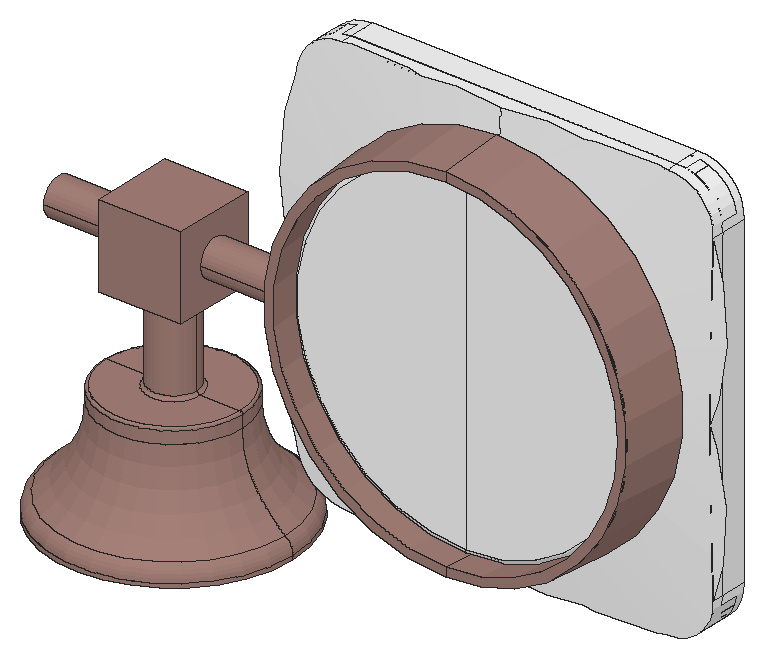
Revit family "SoapDish-Vitra-JunoClassicSeries-A4441826", category Plumbing Fixtures, host Face, Revit 2017
Family settings
  Host = Face
  Round Connector Dimension = Use Diameter
  Part Type = Normal
  OmniClass Number = 23.45.00.00
  OmniClass Title = Sanitary, Laundry, and Cleaning Equipment
  Cut with Voids When Loaded = No
  Shared = Yes
  Room Calculation Point = No
Parameters (values of type "SoapDish-Vitra-JunoClassicSeries-A4441826")
  Youtube = "https://www.youtube.com/user/VitrAglobal"
  Weight Net (kg) = ""
  Waste Connection = no
  Warranty Period (Year) = ""
  Vent Connection = no
  Uniformat II Description = "FURNISHINGS"
  Uniformat II Code = "E20"
  Uniclass 2015 Name = "Soap dishes"
  Uniclass 2015 Code = "Pr_40_20_76_82"
  Uniclass 2.0 Description = "Soap Dishes"
  Uniclass 2.0 Code = "PR-35-75-82"
  Uniclass 1.4 Description = "Soap holders/dispensers"
  Uniclass 1.4 Code = "L8246"
  URL = "https://vitraglobal.com/"
  UNSPSC Description = "Furniture and Furnishings"
  UNSPSC Code = ""
  Technical description = "https://www.vitra.com.tr/pdf/A4441826/"
  Tap hole Options (default) = ""
  Specification = ""
  Region South America = "All"
  Region Oceania = "All"
  Region North America = "All"
  Region Middle East = "All"
  Region Europe = "All"
  Region Asia = "All"
  Region Antarctica = "All"
  Region Africa = "All"
  Product url = "https://www.vitra.com.tr/banyo-aksesuarlari/sabunluk-dis-fircalik/kati-sabunluk/juno-classic-sabunluk-sku-A4441826/"
  Product manual = ""
  Product group = "Soap Dish"
  Product family = "Juno Classic Series"
  Product data url = ""
  Product certification = "https://www.vitraglobal.com/brochures/"
  Product Type = "Soap Dish"
  Product SKU = "A4441826"
  Product Properties = ""
  Product Guid = ""
  Primary Material = BrightCopper
  OmniClass Description = "Hand Soap Holders"
  OmniClass Code = "23-31 25 29 11"
  Nominal Width (mm) = 140 mm
  Nominal Height (mm) = 55 mm
  Nominal Depth (mm) = 100 mm
  NBS Referans Description = "Soap Dishes"
  NBS Referans Code = "35-75-82"
  Mounting type = "Wall Mounted"
  Model = "A4441826"
  Masterformat 2014 Description = "Toilet, Bath, and Laundry Accessory Schedule"
  Masterformat 2014 Code = "10 06 20.13"
  Manufacturer name = "Vitra"
  Manufacturer = "Vitra"
  Main Material = ""
  Installation instructions = ""
  IFC Classification = "Sanitary Terminal"
  Help = ""
  HW Connection = no
  GTIP code = ""
  Features = ""
  EAN code = ""
  Design country = "Turkey"
  Description = "Juno Classic Soap Dish"
  Default Elevation = 0 mm
  Color = "Copper"
  Coating Material = White
  Calculated flow = ""
  CW Connection = no
  COBIe Type Category = ""
  Brand = "VitrA"
  BIMobject category = "Sanitary - Bathroom Accessories"
  Article No. (default) = "A4441826"
  Approvals = ""
  ApplicationType = ""
  Accessories (default) = ""
Types (6, lengths in mm): name | Technical description | Product url | Product SKU | Primary Material | Model | Color | Article No. (default)
  SoapDish-Vitra-JunoClassicSeries-A44418 | "https://www.vitra.com.tr/pdf/A44418/" | "https://www.vitra.com.tr/banyo-aksesuarlari/sabunluk-dis-fircalik/kati-sabunluk/juno-classic-sabunluk-sku-A44418/" | "A44418" | Chrome | "A44418" | "Chrome" | "A44418"
  SoapDish-Vitra-JunoClassicSeries-A4441823 | "https://www.vitra.com.tr/pdf/A4441823/" | "https://www.vitra.com.tr/banyo-aksesuarlari/sabunluk-dis-fircalik/kati-sabunluk/juno-classic-sabunluk-sku-A4441823/" | "A4441823" | Gold | "A4441823" | "Gold" | "A4441823"
  SoapDish-Vitra-JunoClassicSeries-A4441826 | "https://www.vitra.com.tr/pdf/A4441826/" | "https://www.vitra.com.tr/banyo-aksesuarlari/sabunluk-dis-fircalik/kati-sabunluk/juno-classic-sabunluk-sku-A4441826/" | "A4441826" | BrightCopper | "A4441826" | "Copper" | "A4441826"
  SoapDish-Vitra-JunoClassicSeries-A44418EXP | "https://www.vitraglobal.com/pdf/A44418EXP/" | "https://www.vitraglobal.com/bathroom-accessories/soap-toothbrush-holders/soap-dishes/juno-soap-dish-sku-A44418EXP/" | "A44418EXP" | Chrome | "A44418EXP" | "Chrome" | "A44418EXP"
  SoapDish-Vitra-JunoClassicSeries-A4441823EXP | "https://www.vitraglobal.com/pdf/A4441823EXP/" | "https://www.vitraglobal.com/bathroom-accessories/soap-toothbrush-holders/soap-dishes/juno-soap-dish-sku-A4441823EXP/" | "A4441823EXP" | Gold | "A4441823EXP" | "Gold" | "A4441823EXP"
  SoapDish-Vitra-JunoClassicSeries-A4441826EXP | "https://www.vitraglobal.com/pdf/A4441826EXP/" | "https://www.vitraglobal.com/bathroom-accessories/soap-toothbrush-holders/soap-dishes/juno-soap-dish-sku-A4441826EXP/" | "A4441826EXP" | BrightCopper | "A4441826EXP" | "Copper" | "A4441826EXP"
Reference planes
  plane 1 "Center (Front/Back)": y = 0
  plane 2: z = 0
  plane 3 "Center (Left/Right)": x = 0
  plane 4: z = 100
  plane 5: x = -26.043
  plane 6: x = 113.957
  plane 7: y = 26.043
  plane 8: y = -28.957
Forms (mm)
  Revolve 1, solid, material "BrightCopper" <- "Primary Material", detail levels fine
    sketch origin (0, 0, 0) x (1, 0, 0) y (0, 0, 1)
      loop
        line (0, 0) -> (26.043, 0) -> (26.043, 0.871)
        arc (26.043, 0.871) -> (25.577, 2.714) -> (24.291, 4.114) r 3.879
        arc (24.291, 4.114) -> (17.482, 11.83) -> (15.026, 21.823) r 21.555
        line (15.026, 21.823) -> (15.026, 24.479)
        arc (15.026, 24.479) -> (14.873, 24.847) -> (14.505, 25) r 0.521
        line (14.505, 25) -> (5.717, 25)
        arc (5.717, 25) -> (5.225, 25.204) -> (5.022, 25.696) r 0.696
        line (5.022, 25.696) -> (5.022, 44.5) -> (0, 44.5) -> (0, 0)
      axis (0, 44.5) -> (0, 0)
    angle from 0 to 360
  Extrusion 2, solid, material "BrightCopper" <- "Primary Material", detail levels fine
    sketch origin (0, 0, 0) x (1, 0, 0) y (0, 0, 1)
      loop
        line (9.021, 44) -> (9.021, 62) -> (-8.979, 62) -> (-8.979, 44) -> (9.021, 44)
    from -8.86 to 9.14
  Extrusion 3, solid, material "BrightCopper" <- "Primary Material", detail levels fine
    sketch origin (0, 0, 0) x (0, 1, 0) y (0, 0, 1)
      loop
        circle (0, 53.071) r 4
    from -24.979 to 25.484
  Revolve 4, solid, material "BrightCopper" <- "Primary Material", detail levels fine
    sketch origin (65, 0, 0) x (0, 1, 0) y (0, 0, 1)
      loop
        line (-7.14, 92.505) -> (-7.14, 90.536) -> (6.86, 91.536) -> (6.86, 93.505) -> (-7.14, 92.505)
      axis (6.86, 53) -> (-7.14, 53)
    angle from 0 to 360
  Revolve 5, solid, material "White" <- "Coating Material", detail levels fine
    sketch origin (65, 0, 0) x (0, 1, 0) y (0, 0, 1)
      loop
        line (-1.73, 89.617) -> (-1.73, 53) -> (11.631, 53) -> (11.631, 85.621) -> (15.614, 113.963) -> (9.354, 115.895) -> (7.253, 91.885)
        arc (7.253, 91.885) -> (7.03, 91.406) -> (6.551, 91.181) r 0.776
        line (6.551, 91.181) -> (-0.923, 90.5)
        arc (-0.923, 90.5) -> (-1.498, 90.215) -> (-1.73, 89.617) r 0.887
      axis (-1.73, 53) -> (15.614, 53)
    angle from 0 to 360
  Extrusion 6, solid, material "White" <- "Coating Material", detail levels fine
    sketch origin (0, 0, 0) x (1, 0, 0) y (0, 0, 1)
      loop
        arc (29.616, 98.405) -> (22.545, 95.476) -> (19.616, 88.405) r 10
        line (19.616, 88.405) -> (19.616, 17.595)
        arc (19.616, 17.595) -> (22.545, 10.524) -> (29.616, 7.595) r 10
        line (29.616, 7.595) -> (100.426, 7.595)
        arc (100.426, 7.595) -> (107.497, 10.524) -> (110.426, 17.595) r 10
        line (110.426, 17.595) -> (110.426, 88.405)
        arc (110.426, 88.405) -> (107.497, 95.476) -> (100.426, 98.405) r 10
        line (100.426, 98.405) -> (29.616, 98.405)
      loop
        arc (30.021, 93) -> (26.485, 91.536) -> (25.021, 88) r 5
        line (25.021, 88) -> (25.021, 18)
        arc (25.021, 18) -> (26.485, 14.464) -> (30.021, 13) r 5
        line (30.021, 13) -> (100.021, 13)
        arc (100.021, 13) -> (103.556, 14.464) -> (105.021, 18) r 5
        line (105.021, 18) -> (105.021, 88)
        arc (105.021, 88) -> (103.556, 91.536) -> (100.021, 93) r 5
        line (100.021, 93) -> (30.021, 93)
    from -17.27 to -11.52
  Extrusion 7, solid, material "White" <- "Coating Material", detail levels fine
    sketch origin (0, 0, 0) x (1, 0, 0) y (0, 0, 1)
      loop
        line (88.817, 29.125) -> (88.817, 76.62) -> (41.237, 76.62) -> (41.237, 29.125) -> (88.817, 29.125)
      loop
        line (83.124, 71.218) -> (46.658, 71.218) -> (46.658, 34.562) -> (83.124, 34.562) -> (83.124, 71.218)
    from -13.617 to -10.66
  Extrusion 8, void
    sketch origin (0, 0, 0) x (1, 0, 0) y (0, 0, 1)
      loop
        line (100.426, 98.405) -> (29.616, 98.405)
        arc (29.616, 98.405) -> (22.545, 95.476) -> (19.616, 88.405) r 10
        line (19.616, 88.405) -> (19.616, 17.595)
        arc (19.616, 17.595) -> (22.545, 10.524) -> (29.616, 7.595) r 10
        line (29.616, 7.595) -> (100.426, 7.595)
        arc (100.426, 7.595) -> (107.497, 10.524) -> (110.426, 17.595) r 10
        line (110.426, 17.595) -> (110.426, 88.405)
        arc (110.426, 88.405) -> (107.497, 95.476) -> (100.426, 98.405) r 10
      loop
        line (149.725, 123.741) -> (-10.275, 123.741) -> (-10.275, -21.259) -> (149.725, -21.259) -> (149.725, 123.741)
    from -21.549 to -0.86
  Extrusion 9, solid, detail levels coarse
    sketch origin (0, 0, 0) x (1, 0, 0) y (0, 1, 0)
      loop
        line (113.957, 26.043) -> (-26.043, 26.043) -> (-26.043, -28.957) -> (113.957, -28.957) -> (113.957, 26.043)
    from 0 to 100
  Revolve 10, solid, detail levels medium
    sketch origin (0, 0, 0) x (1, 0, 0) y (0, 0, 1)
      loop
        line (0.021, 44) -> (0.021, 0) -> (26.043, 0)
        arc (26.043, 0) -> (25.777, 2.283) -> (24.343, 4.078) r 4.17
        arc (24.343, 4.078) -> (17.005, 12.9) -> (15.002, 24.199) r 22.383
        arc (15.002, 24.199) -> (14.811, 24.759) -> (14.269, 24.996) r 0.736
        line (14.269, 24.996) -> (6.045, 24.996)
        arc (6.045, 24.996) -> (5.321, 25.296) -> (5.022, 26.02) r 1.024
        line (5.022, 26.02) -> (5.022, 44) -> (0.021, 44)
      axis (0.021, 44) -> (0.021, 0)
    angle from 0 to 360
  Extrusion 11, solid, detail levels medium
    sketch origin (0, 0, 0) x (1, 0, 0) y (0, 0, 1)
      loop
        line (-8.979, 62) -> (-8.979, 44) -> (9.021, 44) -> (9.021, 62) -> (-8.979, 62)
    from -8.86 to 9.14
  Revolve 12, solid, detail levels medium
    sketch origin (0, 0, 0) x (1, 0, 0) y (0, 0, 1)
      loop
        line (-24.979, 57.071) -> (-24.979, 53.071) -> (26.235, 53.071) -> (26.235, 57.071) -> (-24.979, 57.071)
      axis (26.235, 53.071) -> (-24.979, 53.071)
    angle from 0 to 360
  Revolve 13, solid, detail levels medium
    sketch origin (65, 0, 0) x (0, 1, 0) y (0, 0, 1)
      loop
        line (-7.14, 92.505) -> (-7.14, 90.536) -> (6.86, 91.536) -> (6.86, 93.505) -> (-7.14, 92.505)
      axis (6.86, 53.071) -> (-7.14, 53.071)
    angle from 0 to 360
  Extrusion 14, solid, detail levels medium
    sketch origin (0, 0, 0) x (1, 0, 0) y (0, 0, 1)
      loop
        line (100.426, 98.405) -> (29.616, 98.405)
        arc (29.616, 98.405) -> (22.545, 95.476) -> (19.616, 88.405) r 10
        line (19.616, 88.405) -> (19.616, 17.595)
        arc (19.616, 17.595) -> (22.545, 10.524) -> (29.616, 7.595) r 10
        line (29.616, 7.595) -> (100.426, 7.595)
        arc (100.426, 7.595) -> (107.497, 10.524) -> (110.426, 17.595) r 10
        line (110.426, 17.595) -> (110.426, 88.405)
        arc (110.426, 88.405) -> (107.497, 95.476) -> (100.426, 98.405) r 10
    from -17.27 to 0
Cuts and joins
  Extrusion 8 cuts Revolve 5
  joined: Revolve 1, Extrusion 2, Extrusion 3, Revolve 4
Dimensions and locks
  "Nominal Depth (mm)": plane 4 to level
  "Nominal Width (mm)": plane 5 to plane 6
  "Nominal Height (mm)": plane 7 to plane 8
  aligned and locked: plane 2 to host face
  aligned and locked: level to host face
Automatic sketch dimensions
  host sketch curve to host sketch curve = 2438.4 mm  (x2)
  Revolve 1 sketch curve to level = 0 mm
  Revolve 1 sketch curve to plane 3 "Center (Left/Right)" = 0 mm  (x2)
  plane 3 "Center (Left/Right)" to Revolve 1 sketch curve = 5.022 mm
  Revolve 1 sketch curve to Revolve 1 sketch curve = 0.696 mm
  Revolve 1 sketch curve to Revolve 1 sketch curve = 8.787 mm
  Revolve 1 sketch curve to Revolve 1 sketch curve = 0.521 mm
  level to Revolve 1 sketch curve = 0.871 mm
  Revolve 1 sketch curve to Revolve 1 sketch curve = 7.138 mm
  Revolve 1 sketch curve to Revolve 1 sketch curve = 3.879 mm
  Revolve 1 sketch curve to Revolve 1 sketch curve = 21.555 mm
  level to Revolve 1 sketch curve = 21.823 mm
  Revolve 1 sketch curve to Revolve 1 sketch curve = 2.656 mm
  Revolve 1 sketch curve to Revolve 1 sketch curve = 18.804 mm
  Revolve 1 sketch curve to Revolve 1 sketch curve = 5.046 mm
  Revolve 1 sketch curve to Revolve 1 sketch curve = 6.147 mm
  Extrusion 2 sketch curve to plane 3 "Center (Left/Right)" = 8.979 mm
  plane 3 "Center (Left/Right)" to Extrusion 2 sketch curve = 9.021 mm
  level to Extrusion 2 sketch curve = 44 mm
  Extrusion 2 sketch curve to Extrusion 2 sketch curve = 18 mm
  Extrusion 3 sketch curve to plane 1 "Center (Front/Back)" = 0 mm
  Extrusion 3 sketch curve to plane 4 = 46.929 mm
  plane 1 "Center (Front/Back)" to Revolve 4 sketch curve = 7.14 mm
  Revolve 4 sketch curve to plane 1 "Center (Front/Back)" = 6.86 mm
  Revolve 4 sketch curve to plane 4 = 9.464 mm
  Revolve 4 sketch curve to plane 4 = 8.464 mm
  Revolve 4 sketch curve to Revolve 4 sketch curve = 1.969 mm  (x2)
  plane 8 to Revolve 4 sketch curve = 14.145 mm
  plane 8 to Revolve 4 sketch curve = 6.817 mm
  Revolve 4 sketch curve to Revolve 4 sketch curve = 37.536 mm
  plane 1 "Center (Front/Back)" to Revolve 5 sketch curve = 1.73 mm
  plane 1 "Center (Front/Back)" to Revolve 5 sketch curve = 0.923 mm
  plane 1 "Center (Front/Back)" to Revolve 5 sketch curve = 0.843 mm
  Revolve 5 sketch curve to plane 1 "Center (Front/Back)" = 6.48 mm
  Revolve 5 sketch curve to Revolve 5 sketch curve = 0.07 mm
  Revolve 5 sketch curve to Revolve 5 sketch curve = 0.773 mm
  Revolve 5 sketch curve to plane 1 "Center (Front/Back)" = 9.354 mm
  Revolve 5 sketch curve to plane 1 "Center (Front/Back)" = 11.631 mm
  Revolve 5 sketch curve to Revolve 5 sketch curve = 6.26 mm
  Revolve 5 sketch curve to plane 4 = 47 mm
  Revolve 5 sketch curve to plane 4 = 14.379 mm
  Revolve 5 sketch curve to plane 4 = 10.383 mm
  Revolve 5 sketch curve to Revolve 5 sketch curve = 0.68 mm
  Revolve 5 sketch curve to Revolve 5 sketch curve = 0.705 mm
  plane 4 to Revolve 5 sketch curve = 13.963 mm
  Revolve 5 sketch curve to Revolve 5 sketch curve = 1.933 mm
  Revolve 5 sketch curve to plane 1 "Center (Front/Back)" = 4.95 mm
  plane 7 to Revolve 5 sketch curve = 3.908 mm
  Revolve 5 sketch curve to Revolve 5 sketch curve = 0 mm
  plane 3 "Center (Left/Right)" to Extrusion 6 sketch curve = 19.616 mm
  Extrusion 6 sketch curve to Extrusion 6 sketch curve = 5.405 mm
  Extrusion 6 sketch curve to Extrusion 6 sketch curve = 4.595 mm  (x4)
  level to Extrusion 6 sketch curve = 7.595 mm
  Extrusion 6 sketch curve to Extrusion 6 sketch curve = 0.405 mm  (x5)
  plane 6 to Extrusion 6 sketch curve = 13.937 mm  (x2)
  plane 6 to Extrusion 6 sketch curve = 3.532 mm
  Extrusion 6 sketch curve to plane 4 = 12 mm
  plane 3 "Center (Left/Right)" to Extrusion 7 sketch curve = 41.237 mm
  Extrusion 7 sketch curve to Extrusion 7 sketch curve = 5.421 mm
  plane 6 to Extrusion 7 sketch curve = 30.833 mm
  Extrusion 7 sketch curve to Extrusion 7 sketch curve = 5.693 mm
  level to Extrusion 7 sketch curve = 29.125 mm
  Extrusion 7 sketch curve to Extrusion 7 sketch curve = 5.437 mm
  Extrusion 7 sketch curve to plane 4 = 28.782 mm
  Extrusion 7 sketch curve to Extrusion 7 sketch curve = 5.402 mm
  Extrusion 8 sketch curve to plane 3 "Center (Left/Right)" = 10.275 mm
  plane 3 "Center (Left/Right)" to Extrusion 8 sketch curve = 19.616 mm
  level to Extrusion 8 sketch curve = 7.595 mm
  Extrusion 8 sketch curve to Extrusion 8 sketch curve = 10 mm  (x2)
  Extrusion 8 sketch curve to plane 4 = 1.595 mm
  plane 6 to Extrusion 8 sketch curve = 13.532 mm  (x2)
  plane 6 to Extrusion 8 sketch curve = 3.532 mm
  Extrusion 8 sketch curve to plane 6 = 35.768 mm
  Extrusion 8 sketch curve to level = 21.259 mm
  plane 4 to Extrusion 8 sketch curve = 23.741 mm
  Extrusion 9 sketch curve to plane 5 = 0 mm
  Extrusion 9 sketch curve to plane 6 = 0 mm
  Extrusion 9 sketch curve to plane 8 = 0 mm
  Extrusion 9 sketch curve to plane 7 = 0 mm
  Revolve 10 sketch curve to level = 0 mm
  plane 3 "Center (Left/Right)" to Revolve 10 sketch curve = 0.021 mm  (x2)
  Revolve 10 sketch curve to Revolve 10 sketch curve = 5.001 mm
  Revolve 10 sketch curve to Revolve 10 sketch curve = 1.024 mm  (x2)
  Revolve 10 sketch curve to Revolve 10 sketch curve = 8.224 mm
  level to Revolve 10 sketch curve = 0.679 mm
  Revolve 10 sketch curve to Revolve 10 sketch curve = 21.908 mm
  Revolve 10 sketch curve to Revolve 10 sketch curve = 4.114 mm
  Revolve 10 sketch curve to Revolve 10 sketch curve = 23.037 mm
  level to Revolve 10 sketch curve = 22.325 mm
  Revolve 10 sketch curve to Revolve 10 sketch curve = 20.183 mm
  Revolve 10 sketch curve to Revolve 10 sketch curve = 0.736 mm
  Revolve 10 sketch curve to Revolve 10 sketch curve = 17.98 mm
  Revolve 10 sketch curve to Revolve 10 sketch curve = 0 mm
  Revolve 10 sketch curve to Revolve 10 sketch curve = 6.787 mm
  Extrusion 11 sketch curve to plane 3 "Center (Left/Right)" = 8.979 mm
  plane 3 "Center (Left/Right)" to Extrusion 11 sketch curve = 9.021 mm
  level to Extrusion 11 sketch curve = 44 mm
  Extrusion 11 sketch curve to Extrusion 11 sketch curve = 18 mm
  Revolve 12 sketch curve to plane 5 = 1.063 mm
  plane 3 "Center (Left/Right)" to Revolve 12 sketch curve = 26.235 mm
  Revolve 12 sketch curve to plane 4 = 46.929 mm
  Revolve 12 sketch curve to Revolve 12 sketch curve = 4 mm
  Revolve 12 sketch curve to Revolve 12 sketch curve = 12.313 mm
  Revolve 12 sketch curve to Revolve 12 sketch curve = 4.154 mm
  Revolve 12 sketch curve to Revolve 12 sketch curve = 0 mm
  plane 1 "Center (Front/Back)" to Revolve 13 sketch curve = 7.14 mm
  Revolve 13 sketch curve to plane 1 "Center (Front/Back)" = 6.86 mm
  Revolve 13 sketch curve to plane 4 = 9.464 mm
  Revolve 13 sketch curve to plane 4 = 8.464 mm
  Revolve 13 sketch curve to Revolve 13 sketch curve = 1.969 mm  (x2)
  plane 8 to Revolve 13 sketch curve = 9.957 mm
  plane 1 "Center (Front/Back)" to Revolve 13 sketch curve = 4 mm
  Revolve 13 sketch curve to Revolve 13 sketch curve = 37.465 mm
  plane 3 "Center (Left/Right)" to Extrusion 14 sketch curve = 19.616 mm
  level to Extrusion 14 sketch curve = 7.595 mm
  Extrusion 14 sketch curve to Extrusion 14 sketch curve = 10 mm  (x2)
  Extrusion 14 sketch curve to plane 4 = 1.595 mm
  plane 6 to Extrusion 14 sketch curve = 13.532 mm  (x2)
  plane 6 to Extrusion 14 sketch curve = 3.532 mm
  radius of Extrusion 3 sketch curve = 4 mm
